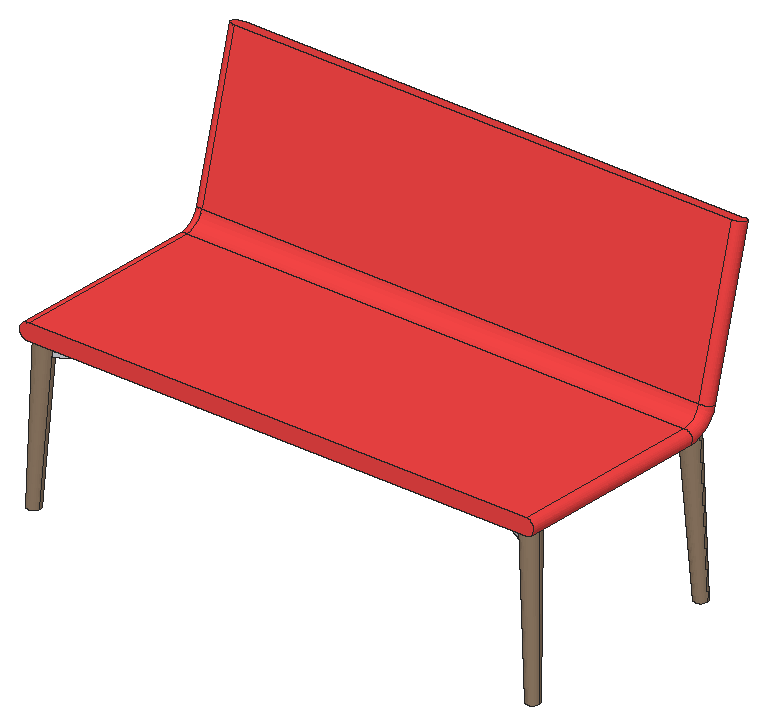
Revit family "Afternoon sa 296", category Мебель, Revit 2017
Family settings
  Номер OmniClass = 23.40.20.00
  Заголовок OmniClass = General Furniture and Specialties
  На основе рабочей плоскости = Нет
  Всегда вертикально = Да
  При загрузке вырезать с полостями = Нет
  Общий = Нет
  Точка расчета площади = Нет
Parameters (values of type "SA-296")
  URL = "http://file-system.ru/catalog/zdaniya_i_sooruzheniya/interer/mebel/afternoon_sa_296_skandiform_sofa/"
  Комментарии к типоразмеру = "Created by Astacus AB"
  Ключевая пометка = "XBF.4"
  Material = Skandiform Fabric
  Группа модели = "SA-296"
  Изготовитель = "Skandiform AB"
  Leg = SA-296_Leg : SA-296_Leg
  Seat = SA-256_Seat : SA-256_Seat
  Описание = "Chassis in chromium or silver lacquered metal."
Types (5, lengths in mm): name | URL | Ключевая пометка | Группа модели | Leg | Seat
  (no name) | "http://file-system.ru/catalog/zdaniya_i_sooruzheniya/interer/mebel/afternoon_sa_296_skandiform_sofa/" | "XBF.4" | "SA-296" | SA-296_Leg : SA-296_Leg | SA-256_Seat : SA-256_Seat
  F-255 | "http://www.biminfo.se/?productid=333205" | "XBF.3" | "F-255" | F-255_Leg : F-255_Leg | F-255_Seat : F-255_Seat
  SA-256 | "http://www.biminfo.se/?productid=333205" | "XBF.4" | "SA-256" | SA-256_Leg : SA-256_Leg | SA-256_Seat : SA-256_Seat
  F-295 | "http://www.biminfo.se/?productid=333205" | "XBF.3" | "F-295" | F-295_Leg : F-295_Leg | F-255_Seat : F-255_Seat
  SA-296 | "http://file-system.ru/catalog/zdaniya_i_sooruzheniya/interer/mebel/afternoon_sa_296_skandiform_sofa/" | "XBF.4" | "SA-296" | SA-296_Leg : SA-296_Leg | SA-256_Seat : SA-256_Seat
Reference planes
  plane 1 "Center (Front/Back)": y = 0
  plane 2: z = 0
  plane 3 "Center (Left/Right)": x = 0
Dimensions and locks
  aligned and locked: level to plane 2
Nested families
  nested 1: "SA-256_Seat" at (-3.503, 0, 0), type <- "Seat", type "SA-256_Seat"
  nested 2: "SA-296_Leg" at (0, 0, 0), type <- "Leg", type "SA-296_Leg"
Definition of nested family "SA-256_Seat"
  Parameters
    Model = ""
    Manufacturer = "Skandiform"
    Fabric = none
    Assembly Code = ""
  Reference planes
    plane 1 "Center (Front/Back)": y = 0
    plane 2: z = 0
    plane 3 "Center (Left/Right)": x = 0
  Forms (mm)
    Sweep 1, solid, material <- "Fabric"
      path origin (-2.344, -63.828, -7.5) x (0, 1, 0) y (0, 0, 1)
        loop
          line (-243.234, 337.822) -> (198.96, 323.37)
          arc (198.96, 323.37) -> (251.605, 340.111) -> (282.911, 385.628) r 85.188
          line (282.911, 385.628) -> (374.581, 713.95)
      profile origin (-2.344, -85.966, 323.096) x (0, 0.032667, 0.999466) y (1, 0, 0)
        loop
          arc (7.5, -556.122) -> (25.907, -573.599) -> (42.406, -554.311) r 17.5
          line (42.406, -554.311) -> (42.406, 560.316)
          arc (42.406, 560.316) -> (24.953, 577.769) -> (7.5, 560.316) r 17.453
          line (7.5, 560.316) -> (7.5, -556.122)
    Sweep 2, solid, not visible
      path origin (0, 5, -7.5) x (0, 1, 0) y (0, 0, 1)
        loop
          line (-243.234, 337.822) -> (198.96, 323.37)
          arc (198.96, 323.37) -> (251.605, 340.111) -> (282.911, 385.628) r 85.188
          line (282.911, 385.628) -> (374.581, 713.95)
      profile origin (0, -17.137, 323.096) x (0, 0.032667, 0.999466) y (1, 0, 0)
        loop
          arc (7.5, -556.122) -> (25.907, -573.599) -> (42.406, -554.311) r 17.5
          line (42.406, -554.311) -> (42.406, 560.316)
          arc (42.406, 560.316) -> (24.953, 577.769) -> (7.5, 560.316) r 17.453
          line (7.5, 560.316) -> (7.5, -556.122)
    Sweep 3, solid, not visible
      path origin (0, -65, -7.5) x (0, 1, 0) y (0, 0, 1)
        loop
          line (-243.234, 337.822) -> (198.96, 323.37)
          arc (198.96, 323.37) -> (251.605, 340.111) -> (282.911, 385.628) r 85.188
          line (282.911, 385.628) -> (374.581, 713.95)
      profile origin (0, -87.137, 323.096) x (0, 0.032667, 0.999466) y (1, 0, 0)
        loop
          arc (7.5, -556.122) -> (25.907, -573.599) -> (42.406, -554.311) r 17.5
          line (42.406, -554.311) -> (42.406, 560.316)
          arc (42.406, 560.316) -> (24.953, 577.769) -> (7.5, 560.316) r 17.453
          line (7.5, 560.316) -> (7.5, -556.122)
  Lines and regions (mm)
    Masking region 1
      outline origin (4.488, -60.775, 0) x (1, 0, 0) y (0, 1, 0)
        loop
          arc (-548.191, 367.563) -> (-559.067, 363.058) -> (-563.572, 352.182) r 15.381
          line (-563.572, 352.182) -> (-578.572, 262.094) -> (-578.572, 241.61) -> (-591.259, 243.629) -> (-600.994, 332.046)
          arc (-600.994, 332.046) -> (-609.123, 339.775) -> (-616.988, 331.777) r 7.999
          line (-616.988, 331.777) -> (-606.462, 235.919)
          arc (-606.462, 235.919) -> (-604.487, 231.403) -> (-600.239, 228.906) r 7.99
          line (-600.239, 228.906) -> (-578.572, 225.451) -> (-578.572, -237.174) -> (-587.705, -249.194)
          arc (-587.705, -249.194) -> (-586.522, -260.445) -> (-575.271, -259.262) r 8
          line (-575.271, -259.262) -> (-564.649, -243.945) -> (555.674, -243.945) -> (566.295, -259.262)
          arc (566.295, -259.262) -> (577.546, -260.445) -> (578.729, -249.194) r 8
          line (578.729, -249.194) -> (571.428, -239.584) -> (571.428, 225.743) -> (591.263, 228.906)
          arc (591.263, 228.906) -> (595.512, 231.403) -> (597.487, 235.919) r 7.99
          line (597.487, 235.919) -> (608.012, 331.777)
          arc (608.012, 331.777) -> (600.148, 339.775) -> (592.019, 332.046) r 7.999
          line (592.019, 332.046) -> (582.283, 243.629) -> (571.428, 241.902) -> (571.428, 259.145) -> (555.047, 357.528)
          arc (555.047, 357.528) -> (549.312, 364.812) -> (540.459, 367.563) r 15.621
          line (540.459, 367.563) -> (-548.191, 367.563)
    Masking region 2, not visible
      outline origin (6.831, 8.053, 0) x (1, 0, 0) y (0, 1, 0)
        loop
          arc (-548.191, 367.563) -> (-559.067, 363.058) -> (-563.572, 352.182) r 15.381
          line (-563.572, 352.182) -> (-578.572, 262.094) -> (-578.572, -243.945) -> (571.428, -243.945) -> (571.428, 259.145) -> (555.047, 357.528)
          arc (555.047, 357.528) -> (549.312, 364.812) -> (540.459, 367.563) r 15.621
          line (540.459, 367.563) -> (-548.191, 367.563)
    Masking region 3, not visible
      outline origin (6.831, -61.947, 0) x (1, 0, 0) y (0, 1, 0)
        loop
          arc (-548.191, 367.563) -> (-559.067, 363.058) -> (-563.572, 352.182) r 15.381
          line (-563.572, 352.182) -> (-578.572, 262.094) -> (-578.572, -243.945) -> (571.428, -243.945) -> (571.428, 259.145) -> (555.047, 357.528)
          arc (555.047, 357.528) -> (549.312, 364.812) -> (540.459, 367.563) r 15.621
          line (540.459, 367.563) -> (-548.191, 367.563)
    symbolic lines
      curve 1: line (-574.084, 164.676, 0) -> (-574.084, 180.835, 0)
      curve 2: line (-560.161, -304.72, 0) -> (-574.084, -304.72, 0)
      curve 3: line (-574.084, -297.949, 0) -> (-574.084, -304.72, 0)
      curve 4: line (575.959, 164.676, 0) -> (575.959, 180.835, 0)
      curve 5: line (560.161, -304.72, 0) -> (575.959, -304.72, 0)
      curve 6: line (575.959, -297.949, 0) -> (575.959, -304.72, 0)
      curve 7: arc (-559.084, 291.407, 0) -> (-556.636, 278.488, 0) -> (-546.672, 269.909, 0) r 19.921
      curve 8: arc (560.491, 291.407, 0) -> (558.043, 278.488, 0) -> (548.078, 269.909, 0) r 19.921
      curve 9: line (-546.672, 269.909, 0) -> (548.078, 269.909, 0)
  Dimensions and locks
    aligned and locked: level to plane 2
Definition of nested family "SA-296_Leg"
  Parameters
    Stol = none
    Seat = SA-256_Seat : SA-256_Seat
    Model = ""
    Material = none
    Manufacturer = "Skandiform"
  Reference planes
    plane 1 "Center (Front/Back)": y = 0
    plane 2: z = 0
    plane 3 "Center (Left/Right)": x = 0
  Forms (mm)
    Revolve 1, solid, material <- "Stol"
      sketch origin (-393.062, -291.234, -130.389) x (-1, 0, 0) y (0, -0.034899, -0.999391)
        loop
          arc (185.055, -126.49) -> (177.742, -124.81) -> (170.863, -127.804) r 11.994
          line (170.863, -127.804) -> (155.717, -473.824) -> (176.703, -473.824) -> (185.055, -126.49)
        axis (155.717, -473.824) -> (170.947, -125.872)
      angle from 0 to 360
    Revolve 2, solid, material <- "Stol"
      sketch origin (-393.709, 187.308, -130.389) x (-1, 0, 0) y (0, -0.034899, 0.999391)
        loop
          line (185.055, 126.49) -> (176.703, 473.824) -> (155.717, 473.824) -> (170.863, 127.804)
          arc (170.863, 127.804) -> (177.742, 124.81) -> (185.055, 126.49) r 11.994
        axis (155.717, 473.824) -> (170.947, 125.872)
      angle from 0 to 360
    Revolve 3, solid, material <- "Stol"
      sketch origin (383.482, -291.234, -130.389) x (1, 0, 0) y (0, 0.034899, 0.999391)
        loop
          line (185.055, 126.49) -> (176.703, 473.824) -> (155.717, 473.824) -> (170.863, 127.804)
          arc (170.863, 127.804) -> (177.742, 124.81) -> (185.055, 126.49) r 11.994
        axis (155.717, 473.824) -> (170.947, 125.872)
      angle from 0 to 360
    Revolve 4, solid, material <- "Stol"
      sketch origin (384.129, 187.308, -130.389) x (1, 0, 0) y (0, 0.034899, -0.999391)
        loop
          arc (185.055, -126.49) -> (177.742, -124.81) -> (170.863, -127.804) r 11.994
          line (170.863, -127.804) -> (155.717, -473.824) -> (176.703, -473.824) -> (185.055, -126.49)
        axis (155.717, -473.824) -> (170.947, -125.872)
      angle from 0 to 360
    Extrusion 5, solid
      sketch origin (0, 0, 0) x (1, 0, 0) y (0, 1, 0)
        loop
          line (-538.234, 172.34) -> (-538.234, 157.34) -> (-373.689, 62.34) -> (-373.689, -172.838) -> (-538.234, -267.838) -> (-538.234, -282.838) -> (-373.689, -187.838) -> (364.109, -187.838) -> (528.654, -282.838) -> (528.654, -267.838) -> (373.689, -178.369) -> (373.689, 67.871) -> (528.654, 157.34) -> (528.654, 172.34) -> (364.109, 77.34) -> (-373.689, 77.34) -> (-538.234, 172.34)
        loop
          line (-358.689, 62.34) -> (-358.689, -172.838) -> (358.689, -172.838) -> (358.689, 62.34) -> (-358.689, 62.34)
      from 301.949 to 337.818
  Dimensions and locks
    aligned and locked: level to plane 2
